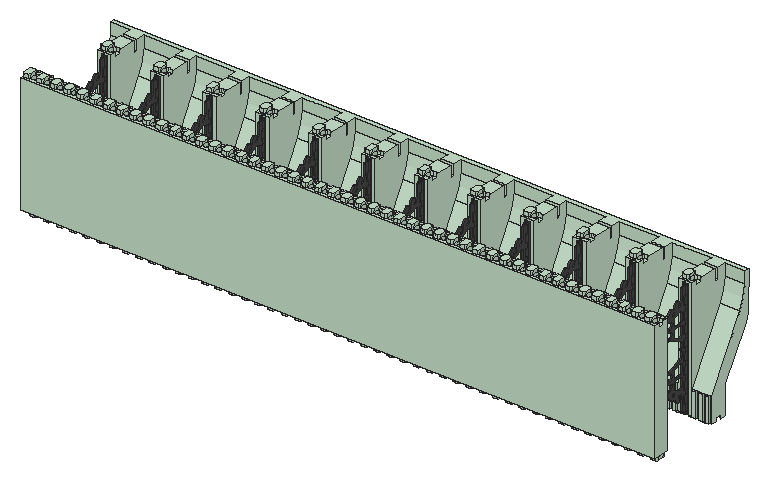
Revit family
Reference planes
  plane 1 "Center (Front/Back)": y = 0
  plane 2: z = 0
  plane 3 "Center (Left/Right)": x = 0
Forms (mm)
  Extrusion 1, solid, material "NUDURA Expanded Polystyrene Foam Insulation"
    sketch origin (0, -50.833, 0) x (1, 0, 0) y (0, 1, 0)
      loop
        line (7.142, -82.55) -> (0, -82.55) -> (0, -142.875) -> (2438.4, -142.875) -> (2438.4, -82.55) -> (2431.258, -82.55) -> (2432.842, -76.2) -> (2418.558, -76.2) -> (2420.142, -82.55) -> (2405.858, -82.55) -> (2407.442, -76.2) -> (2393.158, -76.2) -> (2394.742, -82.55) -> (2380.458, -82.55) -> (2382.042, -76.2) -> (2367.758, -76.2) -> (2369.342, -82.55) -> (2304.258, -82.55) -> (2305.842, -76.2) -> (2291.558, -76.2) -> (2293.142, -82.55) -> (2278.858, -82.55) -> (2280.442, -76.2) -> (2266.158, -76.2) -> (2267.742, -82.55) -> (2253.458, -82.55) -> (2255.042, -76.2) -> (2240.758, -76.2) -> (2242.342, -82.55) -> (2228.058, -82.55) -> (2229.642, -76.2) -> (2215.358, -76.2) -> (2216.942, -82.55) -> (2202.658, -82.55) -> (2204.242, -76.2) -> (2189.958, -76.2) -> (2191.542, -82.55) -> (2177.258, -82.55) -> (2178.842, -76.2) -> (2164.558, -76.2) -> (2166.142, -82.55) -> (2101.058, -82.55) -> (2102.642, -76.2) -> (2088.358, -76.2) -> (2089.942, -82.55) -> (2075.658, -82.55) -> (2077.242, -76.2) -> (2062.958, -76.2) -> (2064.542, -82.55) -> (2050.258, -82.55) -> (2051.842, -76.2) -> (2037.558, -76.2) -> (2039.142, -82.55) -> (2024.858, -82.55) -> (2026.442, -76.2) -> (2012.158, -76.2) -> (2013.742, -82.55) -> (1999.458, -82.55) -> (2001.042, -76.2) -> (1986.758, -76.2) -> (1988.342, -82.55) -> (1974.058, -82.55) -> (1975.642, -76.2) -> (1961.358, -76.2) -> (1962.942, -82.55) -> (1897.858, -82.55) -> (1899.442, -76.2) -> (1885.158, -76.2) -> (1886.742, -82.55) -> (1872.458, -82.55) -> (1874.042, -76.2) -> (1859.758, -76.2) -> (1861.342, -82.55) -> (1847.058, -82.55) -> (1848.642, -76.2) -> (1834.358, -76.2) -> (1835.942, -82.55) -> (1821.658, -82.55) -> (1823.242, -76.2) -> (1808.958, -76.2) -> (1810.542, -82.55) -> (1796.258, -82.55) -> (1797.842, -76.2) -> (1783.558, -76.2) -> (1785.142, -82.55) -> (1770.858, -82.55) -> (1772.442, -76.2) -> (1758.158, -76.2) -> (1759.742, -82.55) -> (1694.658, -82.55) -> (1696.242, -76.2) -> (1681.958, -76.2) -> (1683.542, -82.55) -> (1669.258, -82.55) -> (1670.842, -76.2) -> (1656.558, -76.2) -> (1658.142, -82.55) -> (1643.858, -82.55) -> (1645.442, -76.2) -> (1631.158, -76.2) -> (1632.742, -82.55) -> (1618.458, -82.55) -> (1620.042, -76.2) -> (1605.758, -76.2) -> (1607.342, -82.55) -> (1593.058, -82.55) -> (1594.642, -76.2) -> (1580.358, -76.2) -> (1581.942, -82.55) -> (1567.658, -82.55) -> (1569.242, -76.2) -> (1554.958, -76.2) -> (1556.542, -82.55) -> (1491.458, -82.55) -> (1493.042, -76.2) -> (1478.758, -76.2) -> (1480.342, -82.55) -> (1466.058, -82.55) -> (1467.642, -76.2) -> (1453.358, -76.2) -> (1454.942, -82.55) -> (1440.658, -82.55) -> (1442.242, -76.2) -> (1427.958, -76.2) -> (1429.542, -82.55) -> (1415.258, -82.55) -> (1416.842, -76.2) -> (1402.558, -76.2) -> (1404.142, -82.55) -> (1389.858, -82.55) -> (1391.442, -76.2) -> (1377.158, -76.2) -> (1378.742, -82.55) -> (1364.458, -82.55) -> (1366.042, -76.2) -> (1351.758, -76.2) -> (1353.342, -82.55) -> (1288.258, -82.55) -> (1289.842, -76.2) -> (1275.558, -76.2) -> (1277.142, -82.55) -> (1262.858, -82.55) -> (1264.442, -76.2) -> (1250.158, -76.2) -> (1251.742, -82.55) -> (1237.458, -82.55) -> (1239.042, -76.2) -> (1224.758, -76.2) -> (1226.342, -82.55) -> (1212.058, -82.55) -> (1213.642, -76.2) -> (1199.358, -76.2) -> (1200.942, -82.55) -> (1186.658, -82.55) -> (1188.242, -76.2) -> (1173.958, -76.2) -> (1175.542, -82.55) -> (1161.258, -82.55) -> (1162.842, -76.2) -> (1148.558, -76.2) -> (1150.142, -82.55) -> (1085.058, -82.55) -> (1086.642, -76.2) -> (1072.358, -76.2) -> (1073.942, -82.55) -> (1059.658, -82.55) -> (1061.242, -76.2) -> (1046.958, -76.2) -> (1048.542, -82.55) -> (1034.258, -82.55) -> (1035.842, -76.2) -> (1021.558, -76.2) -> (1023.142, -82.55) -> (1008.858, -82.55) -> (1010.442, -76.2) -> (996.158, -76.2) -> (997.742, -82.55) -> (983.458, -82.55) -> (985.042, -76.2) -> (970.758, -76.2) -> (972.342, -82.55) -> (958.058, -82.55) -> (959.642, -76.2) -> (945.358, -76.2) -> (946.942, -82.55) -> (881.858, -82.55) -> (883.442, -76.2) -> (869.158, -76.2) -> (870.742, -82.55) -> (856.458, -82.55) -> (858.042, -76.2) -> (843.758, -76.2) -> (845.342, -82.55) -> (831.058, -82.55) -> (832.642, -76.2) -> (818.358, -76.2) -> (819.942, -82.55) -> (805.658, -82.55) -> (807.242, -76.2) -> (792.958, -76.2) -> (794.542, -82.55) -> (780.258, -82.55) -> (781.842, -76.2) -> (767.558, -76.2) -> (769.142, -82.55) -> (754.858, -82.55) -> (756.442, -76.2) -> (742.158, -76.2) -> (743.742, -82.55) -> (678.658, -82.55) -> (680.242, -76.2) -> (665.958, -76.2) -> (667.542, -82.55) -> (653.258, -82.55) -> (654.842, -76.2) -> (640.558, -76.2) -> (642.142, -82.55) -> (627.858, -82.55) -> (629.442, -76.2) -> (615.158, -76.2) -> (616.742, -82.55) -> (602.458, -82.55) -> (604.042, -76.2) -> (589.758, -76.2) -> (591.342, -82.55) -> (577.058, -82.55) -> (578.642, -76.2) -> (564.358, -76.2) -> (565.942, -82.55) -> (551.658, -82.55) -> (553.242, -76.2) -> (538.958, -76.2) -> (540.542, -82.55) -> (475.458, -82.55) -> (477.042, -76.2) -> (462.758, -76.2) -> (464.342, -82.55) -> (450.058, -82.55) -> (451.642, -76.2) -> (437.358, -76.2) -> (438.942, -82.55) -> (424.658, -82.55) -> (426.242, -76.2) -> (411.958, -76.2) -> (413.542, -82.55) -> (399.258, -82.55) -> (400.842, -76.2) -> (386.558, -76.2) -> (388.142, -82.55) -> (373.858, -82.55) -> (375.442, -76.2) -> (361.158, -76.2) -> (362.742, -82.55) -> (348.458, -82.55) -> (350.042, -76.2) -> (335.758, -76.2) -> (337.342, -82.55) -> (272.258, -82.55) -> (273.842, -76.2) -> (259.558, -76.2) -> (261.142, -82.55) -> (246.858, -82.55) -> (248.442, -76.2) -> (234.158, -76.2) -> (235.742, -82.55) -> (221.458, -82.55) -> (223.042, -76.2) -> (208.758, -76.2) -> (210.342, -82.55) -> (196.058, -82.55) -> (197.642, -76.2) -> (183.358, -76.2) -> (184.942, -82.55) -> (170.658, -82.55) -> (172.242, -76.2) -> (157.958, -76.2) -> (159.542, -82.55) -> (145.258, -82.55) -> (146.842, -76.2) -> (132.558, -76.2) -> (134.142, -82.55) -> (69.058, -82.55) -> (70.642, -76.2) -> (56.358, -76.2) -> (57.942, -82.55) -> (43.658, -82.55) -> (45.242, -76.2) -> (30.958, -76.2) -> (32.542, -82.55) -> (18.258, -82.55) -> (19.842, -76.2) -> (5.558, -76.2) -> (7.142, -82.55)
    from 0 to 457.2
  Extrusion 2, void
    sketch origin (0, -50.833, 0) x (1, 0, 0) y (0, 1, 0)
      loop
        arc (25.4, -124.411) -> (26.615, -128.147) -> (29.796, -130.453) r 6.35
        arc (29.796, -130.453) -> (38.1, -131.763) -> (46.404, -130.453) r 26.987
        arc (46.404, -130.453) -> (49.585, -128.147) -> (50.8, -124.411) r 6.35
        line (50.8, -124.411) -> (50.8, -101.014)
        arc (50.8, -101.014) -> (50.362, -98.696) -> (49.108, -96.698) r 6.35
        arc (49.108, -96.698) -> (48.795, -96.199) -> (48.685, -95.62) r 1.588
        line (48.685, -95.62) -> (48.685, -86.829) -> (44.346, -86.829) -> (44.346, -92.457)
        arc (44.346, -92.457) -> (43.786, -93.668) -> (42.5, -94.024) r 1.587
        arc (42.5, -94.024) -> (36.091, -93.737) -> (29.796, -94.972) r 26.988
        arc (29.796, -94.972) -> (26.615, -97.278) -> (25.4, -101.014) r 6.35
        line (25.4, -101.014) -> (25.4, -124.411)
    from 457.2 to 444.5
  Extrusion 3, void
    sketch origin (50.8, -50.833, 0) x (1, 0, 0) y (0, 1, 0)
      loop
        arc (25.4, -124.411) -> (26.615, -128.147) -> (29.796, -130.453) r 6.35
        arc (29.796, -130.453) -> (38.1, -131.763) -> (46.404, -130.453) r 26.987
        arc (46.404, -130.453) -> (49.585, -128.147) -> (50.8, -124.411) r 6.35
        line (50.8, -124.411) -> (50.8, -101.014)
        arc (50.8, -101.014) -> (50.362, -98.696) -> (49.108, -96.698) r 6.35
        arc (49.108, -96.698) -> (48.795, -96.199) -> (48.685, -95.62) r 1.588
        line (48.685, -95.62) -> (48.685, -86.829) -> (44.346, -86.829) -> (44.346, -92.457)
        arc (44.346, -92.457) -> (43.786, -93.668) -> (42.5, -94.024) r 1.587
        arc (42.5, -94.024) -> (36.091, -93.737) -> (29.796, -94.972) r 26.988
        arc (29.796, -94.972) -> (26.615, -97.278) -> (25.4, -101.014) r 6.35
        line (25.4, -101.014) -> (25.4, -124.411)
    from 457.2 to 444.5
  Extrusion 4, void
    sketch origin (101.6, -50.833, 0) x (1, 0, 0) y (0, 1, 0)
      loop
        arc (25.4, -124.411) -> (26.615, -128.147) -> (29.796, -130.453) r 6.35
        arc (29.796, -130.453) -> (38.1, -131.763) -> (46.404, -130.453) r 26.987
        arc (46.404, -130.453) -> (49.585, -128.147) -> (50.8, -124.411) r 6.35
        line (50.8, -124.411) -> (50.8, -101.014)
        arc (50.8, -101.014) -> (50.362, -98.696) -> (49.108, -96.698) r 6.35
        arc (49.108, -96.698) -> (48.795, -96.199) -> (48.685, -95.62) r 1.588
        line (48.685, -95.62) -> (48.685, -86.829) -> (44.346, -86.829) -> (44.346, -92.457)
        arc (44.346, -92.457) -> (43.786, -93.668) -> (42.5, -94.024) r 1.587
        arc (42.5, -94.024) -> (36.091, -93.737) -> (29.796, -94.972) r 26.988
        arc (29.796, -94.972) -> (26.615, -97.278) -> (25.4, -101.014) r 6.35
        line (25.4, -101.014) -> (25.4, -124.411)
    from 457.2 to 444.5
  Extrusion 5, void
    sketch origin (152.4, -50.833, 0) x (1, 0, 0) y (0, 1, 0)
      loop
        arc (25.4, -124.411) -> (26.615, -128.147) -> (29.796, -130.453) r 6.35
        arc (29.796, -130.453) -> (38.1, -131.763) -> (46.404, -130.453) r 26.987
        arc (46.404, -130.453) -> (49.585, -128.147) -> (50.8, -124.411) r 6.35
        line (50.8, -124.411) -> (50.8, -101.014)
        arc (50.8, -101.014) -> (50.362, -98.696) -> (49.108, -96.698) r 6.35
        arc (49.108, -96.698) -> (48.795, -96.199) -> (48.685, -95.62) r 1.588
        line (48.685, -95.62) -> (48.685, -86.829) -> (44.346, -86.829) -> (44.346, -92.457)
        arc (44.346, -92.457) -> (43.786, -93.668) -> (42.5, -94.024) r 1.587
        arc (42.5, -94.024) -> (36.091, -93.737) -> (29.796, -94.972) r 26.988
        arc (29.796, -94.972) -> (26.615, -97.278) -> (25.4, -101.014) r 6.35
        line (25.4, -101.014) -> (25.4, -124.411)
    from 457.2 to 444.5
  Extrusion 6, void
    sketch origin (203.2, -50.833, 0) x (1, 0, 0) y (0, 1, 0)
      loop
        arc (25.4, -124.411) -> (26.615, -128.147) -> (29.796, -130.453) r 6.35
        arc (29.796, -130.453) -> (38.1, -131.763) -> (46.404, -130.453) r 26.987
        arc (46.404, -130.453) -> (49.585, -128.147) -> (50.8, -124.411) r 6.35
        line (50.8, -124.411) -> (50.8, -101.014)
        arc (50.8, -101.014) -> (50.362, -98.696) -> (49.108, -96.698) r 6.35
        arc (49.108, -96.698) -> (48.795, -96.199) -> (48.685, -95.62) r 1.588
        line (48.685, -95.62) -> (48.685, -86.829) -> (44.346, -86.829) -> (44.346, -92.457)
        arc (44.346, -92.457) -> (43.786, -93.668) -> (42.5, -94.024) r 1.587
        arc (42.5, -94.024) -> (36.091, -93.737) -> (29.796, -94.972) r 26.988
        arc (29.796, -94.972) -> (26.615, -97.278) -> (25.4, -101.014) r 6.35
        line (25.4, -101.014) -> (25.4, -124.411)
    from 457.2 to 444.5
  Extrusion 7, void
    sketch origin (254, -50.833, 0) x (1, 0, 0) y (0, 1, 0)
      loop
        arc (25.4, -124.411) -> (26.615, -128.147) -> (29.796, -130.453) r 6.35
        arc (29.796, -130.453) -> (38.1, -131.763) -> (46.404, -130.453) r 26.987
        arc (46.404, -130.453) -> (49.585, -128.147) -> (50.8, -124.411) r 6.35
        line (50.8, -124.411) -> (50.8, -101.014)
        arc (50.8, -101.014) -> (50.362, -98.696) -> (49.108, -96.698) r 6.35
        arc (49.108, -96.698) -> (48.795, -96.199) -> (48.685, -95.62) r 1.588
        line (48.685, -95.62) -> (48.685, -86.829) -> (44.346, -86.829) -> (44.346, -92.457)
        arc (44.346, -92.457) -> (43.786, -93.668) -> (42.5, -94.024) r 1.587
        arc (42.5, -94.024) -> (36.091, -93.737) -> (29.796, -94.972) r 26.988
        arc (29.796, -94.972) -> (26.615, -97.278) -> (25.4, -101.014) r 6.35
        line (25.4, -101.014) -> (25.4, -124.411)
    from 457.2 to 444.5
  Extrusion 8, void
    sketch origin (304.8, -50.833, 0) x (1, 0, 0) y (0, 1, 0)
      loop
        arc (25.4, -124.411) -> (26.615, -128.147) -> (29.796, -130.453) r 6.35
        arc (29.796, -130.453) -> (38.1, -131.763) -> (46.404, -130.453) r 26.987
        arc (46.404, -130.453) -> (49.585, -128.147) -> (50.8, -124.411) r 6.35
        line (50.8, -124.411) -> (50.8, -101.014)
        arc (50.8, -101.014) -> (50.362, -98.696) -> (49.108, -96.698) r 6.35
        arc (49.108, -96.698) -> (48.795, -96.199) -> (48.685, -95.62) r 1.588
        line (48.685, -95.62) -> (48.685, -86.829) -> (44.346, -86.829) -> (44.346, -92.457)
        arc (44.346, -92.457) -> (43.786, -93.668) -> (42.5, -94.024) r 1.587
        arc (42.5, -94.024) -> (36.091, -93.737) -> (29.796, -94.972) r 26.988
        arc (29.796, -94.972) -> (26.615, -97.278) -> (25.4, -101.014) r 6.35
        line (25.4, -101.014) -> (25.4, -124.411)
    from 457.2 to 444.5
  Extrusion 9, void
    sketch origin (355.6, -50.833, 0) x (1, 0, 0) y (0, 1, 0)
      loop
        arc (25.4, -124.411) -> (26.615, -128.147) -> (29.796, -130.453) r 6.35
        arc (29.796, -130.453) -> (38.1, -131.763) -> (46.404, -130.453) r 26.987
        arc (46.404, -130.453) -> (49.585, -128.147) -> (50.8, -124.411) r 6.35
        line (50.8, -124.411) -> (50.8, -101.014)
        arc (50.8, -101.014) -> (50.362, -98.696) -> (49.108, -96.698) r 6.35
        arc (49.108, -96.698) -> (48.795, -96.199) -> (48.685, -95.62) r 1.588
        line (48.685, -95.62) -> (48.685, -86.829) -> (44.346, -86.829) -> (44.346, -92.457)
        arc (44.346, -92.457) -> (43.786, -93.668) -> (42.5, -94.024) r 1.587
        arc (42.5, -94.024) -> (36.091, -93.737) -> (29.796, -94.972) r 26.988
        arc (29.796, -94.972) -> (26.615, -97.278) -> (25.4, -101.014) r 6.35
        line (25.4, -101.014) -> (25.4, -124.411)
    from 457.2 to 444.5
  Extrusion 10, void
    sketch origin (406.4, -50.833, 0) x (1, 0, 0) y (0, 1, 0)
      loop
        arc (25.4, -124.411) -> (26.615, -128.147) -> (29.796, -130.453) r 6.35
        arc (29.796, -130.453) -> (38.1, -131.763) -> (46.404, -130.453) r 26.987
        arc (46.404, -130.453) -> (49.585, -128.147) -> (50.8, -124.411) r 6.35
        line (50.8, -124.411) -> (50.8, -101.014)
        arc (50.8, -101.014) -> (50.362, -98.696) -> (49.108, -96.698) r 6.35
        arc (49.108, -96.698) -> (48.795, -96.199) -> (48.685, -95.62) r 1.588
        line (48.685, -95.62) -> (48.685, -86.829) -> (44.346, -86.829) -> (44.346, -92.457)
        arc (44.346, -92.457) -> (43.786, -93.668) -> (42.5, -94.024) r 1.587
        arc (42.5, -94.024) -> (36.091, -93.737) -> (29.796, -94.972) r 26.988
        arc (29.796, -94.972) -> (26.615, -97.278) -> (25.4, -101.014) r 6.35
        line (25.4, -101.014) -> (25.4, -124.411)
    from 457.2 to 444.5
  Extrusion 11, void
    sketch origin (457.2, -50.833, 0) x (1, 0, 0) y (0, 1, 0)
      loop
        arc (25.4, -124.411) -> (26.615, -128.147) -> (29.796, -130.453) r 6.35
        arc (29.796, -130.453) -> (38.1, -131.763) -> (46.404, -130.453) r 26.987
        arc (46.404, -130.453) -> (49.585, -128.147) -> (50.8, -124.411) r 6.35
        line (50.8, -124.411) -> (50.8, -101.014)
        arc (50.8, -101.014) -> (50.362, -98.696) -> (49.108, -96.698) r 6.35
        arc (49.108, -96.698) -> (48.795, -96.199) -> (48.685, -95.62) r 1.588
        line (48.685, -95.62) -> (48.685, -86.829) -> (44.346, -86.829) -> (44.346, -92.457)
        arc (44.346, -92.457) -> (43.786, -93.668) -> (42.5, -94.024) r 1.587
        arc (42.5, -94.024) -> (36.091, -93.737) -> (29.796, -94.972) r 26.988
        arc (29.796, -94.972) -> (26.615, -97.278) -> (25.4, -101.014) r 6.35
        line (25.4, -101.014) -> (25.4, -124.411)
    from 457.2 to 444.5
  Extrusion 12, void
    sketch origin (508, -50.833, 0) x (1, 0, 0) y (0, 1, 0)
      loop
        arc (25.4, -124.411) -> (26.615, -128.147) -> (29.796, -130.453) r 6.35
        arc (29.796, -130.453) -> (38.1, -131.763) -> (46.404, -130.453) r 26.987
        arc (46.404, -130.453) -> (49.585, -128.147) -> (50.8, -124.411) r 6.35
        line (50.8, -124.411) -> (50.8, -101.014)
        arc (50.8, -101.014) -> (50.362, -98.696) -> (49.108, -96.698) r 6.35
        arc (49.108, -96.698) -> (48.795, -96.199) -> (48.685, -95.62) r 1.588
        line (48.685, -95.62) -> (48.685, -86.829) -> (44.346, -86.829) -> (44.346, -92.457)
        arc (44.346, -92.457) -> (43.786, -93.668) -> (42.5, -94.024) r 1.587
        arc (42.5, -94.024) -> (36.091, -93.737) -> (29.796, -94.972) r 26.988
        arc (29.796, -94.972) -> (26.615, -97.278) -> (25.4, -101.014) r 6.35
        line (25.4, -101.014) -> (25.4, -124.411)
    from 457.2 to 444.5
  Extrusion 13, void
    sketch origin (558.8, -50.833, 0) x (1, 0, 0) y (0, 1, 0)
      loop
        arc (25.4, -124.411) -> (26.615, -128.147) -> (29.796, -130.453) r 6.35
        arc (29.796, -130.453) -> (38.1, -131.763) -> (46.404, -130.453) r 26.987
        arc (46.404, -130.453) -> (49.585, -128.147) -> (50.8, -124.411) r 6.35
        line (50.8, -124.411) -> (50.8, -101.014)
        arc (50.8, -101.014) -> (50.362, -98.696) -> (49.108, -96.698) r 6.35
        arc (49.108, -96.698) -> (48.795, -96.199) -> (48.685, -95.62) r 1.588
        line (48.685, -95.62) -> (48.685, -86.829) -> (44.346, -86.829) -> (44.346, -92.457)
        arc (44.346, -92.457) -> (43.786, -93.668) -> (42.5, -94.024) r 1.587
        arc (42.5, -94.024) -> (36.091, -93.737) -> (29.796, -94.972) r 26.988
        arc (29.796, -94.972) -> (26.615, -97.278) -> (25.4, -101.014) r 6.35
        line (25.4, -101.014) -> (25.4, -124.411)
    from 457.2 to 444.5
  Extrusion 14, void
    sketch origin (609.6, -50.833, 0) x (1, 0, 0) y (0, 1, 0)
      loop
        arc (25.4, -124.411) -> (26.615, -128.147) -> (29.796, -130.453) r 6.35
        arc (29.796, -130.453) -> (38.1, -131.763) -> (46.404, -130.453) r 26.987
        arc (46.404, -130.453) -> (49.585, -128.147) -> (50.8, -124.411) r 6.35
        line (50.8, -124.411) -> (50.8, -101.014)
        arc (50.8, -101.014) -> (50.362, -98.696) -> (49.108, -96.698) r 6.35
        arc (49.108, -96.698) -> (48.795, -96.199) -> (48.685, -95.62) r 1.588
        line (48.685, -95.62) -> (48.685, -86.829) -> (44.346, -86.829) -> (44.346, -92.457)
        arc (44.346, -92.457) -> (43.786, -93.668) -> (42.5, -94.024) r 1.587
        arc (42.5, -94.024) -> (36.091, -93.737) -> (29.796, -94.972) r 26.988
        arc (29.796, -94.972) -> (26.615, -97.278) -> (25.4, -101.014) r 6.35
        line (25.4, -101.014) -> (25.4, -124.411)
    from 457.2 to 444.5
  Extrusion 15, void
    sketch origin (660.4, -50.833, 0) x (1, 0, 0) y (0, 1, 0)
      loop
        arc (25.4, -124.411) -> (26.615, -128.147) -> (29.796, -130.453) r 6.35
        arc (29.796, -130.453) -> (38.1, -131.763) -> (46.404, -130.453) r 26.987
        arc (46.404, -130.453) -> (49.585, -128.147) -> (50.8, -124.411) r 6.35
        line (50.8, -124.411) -> (50.8, -101.014)
        arc (50.8, -101.014) -> (50.362, -98.696) -> (49.108, -96.698) r 6.35
        arc (49.108, -96.698) -> (48.795, -96.199) -> (48.685, -95.62) r 1.588
        line (48.685, -95.62) -> (48.685, -86.829) -> (44.346, -86.829) -> (44.346, -92.457)
        arc (44.346, -92.457) -> (43.786, -93.668) -> (42.5, -94.024) r 1.587
        arc (42.5, -94.024) -> (36.091, -93.737) -> (29.796, -94.972) r 26.988
        arc (29.796, -94.972) -> (26.615, -97.278) -> (25.4, -101.014) r 6.35
        line (25.4, -101.014) -> (25.4, -124.411)
    from 457.2 to 444.5
  Extrusion 16, void
    sketch origin (711.2, -50.833, 0) x (1, 0, 0) y (0, 1, 0)
      loop
        arc (25.4, -124.411) -> (26.615, -128.147) -> (29.796, -130.453) r 6.35
        arc (29.796, -130.453) -> (38.1, -131.763) -> (46.404, -130.453) r 26.987
        arc (46.404, -130.453) -> (49.585, -128.147) -> (50.8, -124.411) r 6.35
        line (50.8, -124.411) -> (50.8, -101.014)
        arc (50.8, -101.014) -> (50.362, -98.696) -> (49.108, -96.698) r 6.35
        arc (49.108, -96.698) -> (48.795, -96.199) -> (48.685, -95.62) r 1.588
        line (48.685, -95.62) -> (48.685, -86.829) -> (44.346, -86.829) -> (44.346, -92.457)
        arc (44.346, -92.457) -> (43.786, -93.668) -> (42.5, -94.024) r 1.587
        arc (42.5, -94.024) -> (36.091, -93.737) -> (29.796, -94.972) r 26.988
        arc (29.796, -94.972) -> (26.615, -97.278) -> (25.4, -101.014) r 6.35
        line (25.4, -101.014) -> (25.4, -124.411)
    from 457.2 to 444.5
  Extrusion 17, void
    sketch origin (762, -50.833, 0) x (1, 0, 0) y (0, 1, 0)
      loop
        arc (25.4, -124.411) -> (26.615, -128.147) -> (29.796, -130.453) r 6.35
        arc (29.796, -130.453) -> (38.1, -131.763) -> (46.404, -130.453) r 26.987
        arc (46.404, -130.453) -> (49.585, -128.147) -> (50.8, -124.411) r 6.35
        line (50.8, -124.411) -> (50.8, -101.014)
        arc (50.8, -101.014) -> (50.362, -98.696) -> (49.108, -96.698) r 6.35
        arc (49.108, -96.698) -> (48.795, -96.199) -> (48.685, -95.62) r 1.588
        line (48.685, -95.62) -> (48.685, -86.829) -> (44.346, -86.829) -> (44.346, -92.457)
        arc (44.346, -92.457) -> (43.786, -93.668) -> (42.5, -94.024) r 1.587
        arc (42.5, -94.024) -> (36.091, -93.737) -> (29.796, -94.972) r 26.988
        arc (29.796, -94.972) -> (26.615, -97.278) -> (25.4, -101.014) r 6.35
        line (25.4, -101.014) -> (25.4, -124.411)
    from 457.2 to 444.5
  Extrusion 18, void
    sketch origin (812.8, -50.833, 0) x (1, 0, 0) y (0, 1, 0)
      loop
        arc (25.4, -124.411) -> (26.615, -128.147) -> (29.796, -130.453) r 6.35
        arc (29.796, -130.453) -> (38.1, -131.763) -> (46.404, -130.453) r 26.987
        arc (46.404, -130.453) -> (49.585, -128.147) -> (50.8, -124.411) r 6.35
        line (50.8, -124.411) -> (50.8, -101.014)
        arc (50.8, -101.014) -> (50.362, -98.696) -> (49.108, -96.698) r 6.35
        arc (49.108, -96.698) -> (48.795, -96.199) -> (48.685, -95.62) r 1.588
        line (48.685, -95.62) -> (48.685, -86.829) -> (44.346, -86.829) -> (44.346, -92.457)
        arc (44.346, -92.457) -> (43.786, -93.668) -> (42.5, -94.024) r 1.587
        arc (42.5, -94.024) -> (36.091, -93.737) -> (29.796, -94.972) r 26.988
        arc (29.796, -94.972) -> (26.615, -97.278) -> (25.4, -101.014) r 6.35
        line (25.4, -101.014) -> (25.4, -124.411)
    from 457.2 to 444.5
  Extrusion 19, void
    sketch origin (863.6, -50.833, 0) x (1, 0, 0) y (0, 1, 0)
      loop
        arc (25.4, -124.411) -> (26.615, -128.147) -> (29.796, -130.453) r 6.35
        arc (29.796, -130.453) -> (38.1, -131.763) -> (46.404, -130.453) r 26.987
        arc (46.404, -130.453) -> (49.585, -128.147) -> (50.8, -124.411) r 6.35
        line (50.8, -124.411) -> (50.8, -101.014)
        arc (50.8, -101.014) -> (50.362, -98.696) -> (49.108, -96.698) r 6.35
        arc (49.108, -96.698) -> (48.795, -96.199) -> (48.685, -95.62) r 1.588
        line (48.685, -95.62) -> (48.685, -86.829) -> (44.346, -86.829) -> (44.346, -92.457)
        arc (44.346, -92.457) -> (43.786, -93.668) -> (42.5, -94.024) r 1.587
        arc (42.5, -94.024) -> (36.091, -93.737) -> (29.796, -94.972) r 26.988
        arc (29.796, -94.972) -> (26.615, -97.278) -> (25.4, -101.014) r 6.35
        line (25.4, -101.014) -> (25.4, -124.411)
    from 457.2 to 444.5
  Extrusion 20, void
    sketch origin (914.4, -50.833, 0) x (1, 0, 0) y (0, 1, 0)
      loop
        arc (25.4, -124.411) -> (26.615, -128.147) -> (29.796, -130.453) r 6.35
        arc (29.796, -130.453) -> (38.1, -131.763) -> (46.404, -130.453) r 26.987
        arc (46.404, -130.453) -> (49.585, -128.147) -> (50.8, -124.411) r 6.35
        line (50.8, -124.411) -> (50.8, -101.014)
        arc (50.8, -101.014) -> (50.362, -98.696) -> (49.108, -96.698) r 6.35
        arc (49.108, -96.698) -> (48.795, -96.199) -> (48.685, -95.62) r 1.588
        line (48.685, -95.62) -> (48.685, -86.829) -> (44.346, -86.829) -> (44.346, -92.457)
        arc (44.346, -92.457) -> (43.786, -93.668) -> (42.5, -94.024) r 1.587
        arc (42.5, -94.024) -> (36.091, -93.737) -> (29.796, -94.972) r 26.988
        arc (29.796, -94.972) -> (26.615, -97.278) -> (25.4, -101.014) r 6.35
        line (25.4, -101.014) -> (25.4, -124.411)
    from 457.2 to 444.5
  Extrusion 21, void
    sketch origin (965.2, -50.833, 0) x (1, 0, 0) y (0, 1, 0)
      loop
        arc (25.4, -124.411) -> (26.615, -128.147) -> (29.796, -130.453) r 6.35
        arc (29.796, -130.453) -> (38.1, -131.763) -> (46.404, -130.453) r 26.987
        arc (46.404, -130.453) -> (49.585, -128.147) -> (50.8, -124.411) r 6.35
        line (50.8, -124.411) -> (50.8, -101.014)
        arc (50.8, -101.014) -> (50.362, -98.696) -> (49.108, -96.698) r 6.35
        arc (49.108, -96.698) -> (48.795, -96.199) -> (48.685, -95.62) r 1.588
        line (48.685, -95.62) -> (48.685, -86.829) -> (44.346, -86.829) -> (44.346, -92.457)
        arc (44.346, -92.457) -> (43.786, -93.668) -> (42.5, -94.024) r 1.587
        arc (42.5, -94.024) -> (36.091, -93.737) -> (29.796, -94.972) r 26.988
        arc (29.796, -94.972) -> (26.615, -97.278) -> (25.4, -101.014) r 6.35
        line (25.4, -101.014) -> (25.4, -124.411)
    from 457.2 to 444.5
  Extrusion 22, void
    sketch origin (1016, -50.833, 0) x (1, 0, 0) y (0, 1, 0)
      loop
        arc (25.4, -124.411) -> (26.615, -128.147) -> (29.796, -130.453) r 6.35
        arc (29.796, -130.453) -> (38.1, -131.763) -> (46.404, -130.453) r 26.987
        arc (46.404, -130.453) -> (49.585, -128.147) -> (50.8, -124.411) r 6.35
        line (50.8, -124.411) -> (50.8, -101.014)
        arc (50.8, -101.014) -> (50.362, -98.696) -> (49.108, -96.698) r 6.35
        arc (49.108, -96.698) -> (48.795, -96.199) -> (48.685, -95.62) r 1.588
        line (48.685, -95.62) -> (48.685, -86.829) -> (44.346, -86.829) -> (44.346, -92.457)
        arc (44.346, -92.457) -> (43.786, -93.668) -> (42.5, -94.024) r 1.587
        arc (42.5, -94.024) -> (36.091, -93.737) -> (29.796, -94.972) r 26.988
        arc (29.796, -94.972) -> (26.615, -97.278) -> (25.4, -101.014) r 6.35
        line (25.4, -101.014) -> (25.4, -124.411)
    from 457.2 to 444.5
  Extrusion 23, void
    sketch origin (1066.8, -50.833, 0) x (1, 0, 0) y (0, 1, 0)
      loop
        arc (25.4, -124.411) -> (26.615, -128.147) -> (29.796, -130.453) r 6.35
        arc (29.796, -130.453) -> (38.1, -131.763) -> (46.404, -130.453) r 26.987
        arc (46.404, -130.453) -> (49.585, -128.147) -> (50.8, -124.411) r 6.35
        line (50.8, -124.411) -> (50.8, -101.014)
        arc (50.8, -101.014) -> (50.362, -98.696) -> (49.108, -96.698) r 6.35
        arc (49.108, -96.698) -> (48.795, -96.199) -> (48.685, -95.62) r 1.588
        line (48.685, -95.62) -> (48.685, -86.829) -> (44.346, -86.829) -> (44.346, -92.457)
        arc (44.346, -92.457) -> (43.786, -93.668) -> (42.5, -94.024) r 1.587
        arc (42.5, -94.024) -> (36.091, -93.737) -> (29.796, -94.972) r 26.988
        arc (29.796, -94.972) -> (26.615, -97.278) -> (25.4, -101.014) r 6.35
        line (25.4, -101.014) -> (25.4, -124.411)
    from 457.2 to 444.5
  Extrusion 24, void
    sketch origin (1117.6, -50.833, 0) x (1, 0, 0) y (0, 1, 0)
      loop
        arc (25.4, -124.411) -> (26.615, -128.147) -> (29.796, -130.453) r 6.35
        arc (29.796, -130.453) -> (38.1, -131.763) -> (46.404, -130.453) r 26.987
        arc (46.404, -130.453) -> (49.585, -128.147) -> (50.8, -124.411) r 6.35
        line (50.8, -124.411) -> (50.8, -101.014)
        arc (50.8, -101.014) -> (50.362, -98.696) -> (49.108, -96.698) r 6.35
        arc (49.108, -96.698) -> (48.795, -96.199) -> (48.685, -95.62) r 1.588
        line (48.685, -95.62) -> (48.685, -86.829) -> (44.346, -86.829) -> (44.346, -92.457)
        arc (44.346, -92.457) -> (43.786, -93.668) -> (42.5, -94.024) r 1.587
        arc (42.5, -94.024) -> (36.091, -93.737) -> (29.796, -94.972) r 26.988
        arc (29.796, -94.972) -> (26.615, -97.278) -> (25.4, -101.014) r 6.35
        line (25.4, -101.014) -> (25.4, -124.411)
    from 457.2 to 444.5
  Extrusion 25, void
    sketch origin (1168.4, -50.833, 0) x (1, 0, 0) y (0, 1, 0)
      loop
        arc (25.4, -124.411) -> (26.615, -128.147) -> (29.796, -130.453) r 6.35
        arc (29.796, -130.453) -> (38.1, -131.763) -> (46.404, -130.453) r 26.987
        arc (46.404, -130.453) -> (49.585, -128.147) -> (50.8, -124.411) r 6.35
        line (50.8, -124.411) -> (50.8, -101.014)
        arc (50.8, -101.014) -> (50.362, -98.696) -> (49.108, -96.698) r 6.35
        arc (49.108, -96.698) -> (48.795, -96.199) -> (48.685, -95.62) r 1.588
        line (48.685, -95.62) -> (48.685, -86.829) -> (44.346, -86.829) -> (44.346, -92.457)
        arc (44.346, -92.457) -> (43.786, -93.668) -> (42.5, -94.024) r 1.587
        arc (42.5, -94.024) -> (36.091, -93.737) -> (29.796, -94.972) r 26.988
        arc (29.796, -94.972) -> (26.615, -97.278) -> (25.4, -101.014) r 6.35
        line (25.4, -101.014) -> (25.4, -124.411)
    from 457.2 to 444.5
  Extrusion 26, void
    sketch origin (1219.2, -50.833, 0) x (1, 0, 0) y (0, 1, 0)
      loop
        arc (25.4, -124.411) -> (26.615, -128.147) -> (29.796, -130.453) r 6.35
        arc (29.796, -130.453) -> (38.1, -131.763) -> (46.404, -130.453) r 26.987
        arc (46.404, -130.453) -> (49.585, -128.147) -> (50.8, -124.411) r 6.35
        line (50.8, -124.411) -> (50.8, -101.014)
        arc (50.8, -101.014) -> (50.362, -98.696) -> (49.108, -96.698) r 6.35
        arc (49.108, -96.698) -> (48.795, -96.199) -> (48.685, -95.62) r 1.588
        line (48.685, -95.62) -> (48.685, -86.829) -> (44.346, -86.829) -> (44.346, -92.457)
        arc (44.346, -92.457) -> (43.786, -93.668) -> (42.5, -94.024) r 1.587
        arc (42.5, -94.024) -> (36.091, -93.737) -> (29.796, -94.972) r 26.988
        arc (29.796, -94.972) -> (26.615, -97.278) -> (25.4, -101.014) r 6.35
        line (25.4, -101.014) -> (25.4, -124.411)
    from 457.2 to 444.5
  Extrusion 27, void
    sketch origin (1270, -50.833, 0) x (1, 0, 0) y (0, 1, 0)
      loop
        arc (25.4, -124.411) -> (26.615, -128.147) -> (29.796, -130.453) r 6.35
        arc (29.796, -130.453) -> (38.1, -131.763) -> (46.404, -130.453) r 26.987
        arc (46.404, -130.453) -> (49.585, -128.147) -> (50.8, -124.411) r 6.35
        line (50.8, -124.411) -> (50.8, -101.014)
        arc (50.8, -101.014) -> (50.362, -98.696) -> (49.108, -96.698) r 6.35
        arc (49.108, -96.698) -> (48.795, -96.199) -> (48.685, -95.62) r 1.588
        line (48.685, -95.62) -> (48.685, -86.829) -> (44.346, -86.829) -> (44.346, -92.457)
        arc (44.346, -92.457) -> (43.786, -93.668) -> (42.5, -94.024) r 1.587
        arc (42.5, -94.024) -> (36.091, -93.737) -> (29.796, -94.972) r 26.988
        arc (29.796, -94.972) -> (26.615, -97.278) -> (25.4, -101.014) r 6.35
        line (25.4, -101.014) -> (25.4, -124.411)
    from 457.2 to 444.5
  Extrusion 28, void
    sketch origin (1320.8, -50.833, 0) x (1, 0, 0) y (0, 1, 0)
      loop
        arc (25.4, -124.411) -> (26.615, -128.147) -> (29.796, -130.453) r 6.35
        arc (29.796, -130.453) -> (38.1, -131.763) -> (46.404, -130.453) r 26.987
        arc (46.404, -130.453) -> (49.585, -128.147) -> (50.8, -124.411) r 6.35
        line (50.8, -124.411) -> (50.8, -101.014)
        arc (50.8, -101.014) -> (50.362, -98.696) -> (49.108, -96.698) r 6.35
        arc (49.108, -96.698) -> (48.795, -96.199) -> (48.685, -95.62) r 1.588
        line (48.685, -95.62) -> (48.685, -86.829) -> (44.346, -86.829) -> (44.346, -92.457)
        arc (44.346, -92.457) -> (43.786, -93.668) -> (42.5, -94.024) r 1.587
        arc (42.5, -94.024) -> (36.091, -93.737) -> (29.796, -94.972) r 26.988
        arc (29.796, -94.972) -> (26.615, -97.278) -> (25.4, -101.014) r 6.35
        line (25.4, -101.014) -> (25.4, -124.411)
    from 457.2 to 444.5
  Extrusion 29, void
    sketch origin (1371.6, -50.833, 0) x (1, 0, 0) y (0, 1, 0)
      loop
        arc (25.4, -124.411) -> (26.615, -128.147) -> (29.796, -130.453) r 6.35
        arc (29.796, -130.453) -> (38.1, -131.763) -> (46.404, -130.453) r 26.987
        arc (46.404, -130.453) -> (49.585, -128.147) -> (50.8, -124.411) r 6.35
        line (50.8, -124.411) -> (50.8, -101.014)
        arc (50.8, -101.014) -> (50.362, -98.696) -> (49.108, -96.698) r 6.35
        arc (49.108, -96.698) -> (48.795, -96.199) -> (48.685, -95.62) r 1.588
        line (48.685, -95.62) -> (48.685, -86.829) -> (44.346, -86.829) -> (44.346, -92.457)
        arc (44.346, -92.457) -> (43.786, -93.668) -> (42.5, -94.024) r 1.587
        arc (42.5, -94.024) -> (36.091, -93.737) -> (29.796, -94.972) r 26.988
        arc (29.796, -94.972) -> (26.615, -97.278) -> (25.4, -101.014) r 6.35
        line (25.4, -101.014) -> (25.4, -124.411)
    from 457.2 to 444.5
  Extrusion 30, void
    sketch origin (1422.4, -50.833, 0) x (1, 0, 0) y (0, 1, 0)
      loop
        arc (25.4, -124.411) -> (26.615, -128.147) -> (29.796, -130.453) r 6.35
        arc (29.796, -130.453) -> (38.1, -131.763) -> (46.404, -130.453) r 26.987
        arc (46.404, -130.453) -> (49.585, -128.147) -> (50.8, -124.411) r 6.35
        line (50.8, -124.411) -> (50.8, -101.014)
        arc (50.8, -101.014) -> (50.362, -98.696) -> (49.108, -96.698) r 6.35
        arc (49.108, -96.698) -> (48.795, -96.199) -> (48.685, -95.62) r 1.588
        line (48.685, -95.62) -> (48.685, -86.829) -> (44.346, -86.829) -> (44.346, -92.457)
        arc (44.346, -92.457) -> (43.786, -93.668) -> (42.5, -94.024) r 1.587
        arc (42.5, -94.024) -> (36.091, -93.737) -> (29.796, -94.972) r 26.988
        arc (29.796, -94.972) -> (26.615, -97.278) -> (25.4, -101.014) r 6.35
        line (25.4, -101.014) -> (25.4, -124.411)
    from 457.2 to 444.5
  Extrusion 31, void
    sketch origin (1473.2, -50.833, 0) x (1, 0, 0) y (0, 1, 0)
      loop
        arc (25.4, -124.411) -> (26.615, -128.147) -> (29.796, -130.453) r 6.35
        arc (29.796, -130.453) -> (38.1, -131.763) -> (46.404, -130.453) r 26.987
        arc (46.404, -130.453) -> (49.585, -128.147) -> (50.8, -124.411) r 6.35
        line (50.8, -124.411) -> (50.8, -101.014)
        arc (50.8, -101.014) -> (50.362, -98.696) -> (49.108, -96.698) r 6.35
        arc (49.108, -96.698) -> (48.795, -96.199) -> (48.685, -95.62) r 1.588
        line (48.685, -95.62) -> (48.685, -86.829) -> (44.346, -86.829) -> (44.346, -92.457)
        arc (44.346, -92.457) -> (43.786, -93.668) -> (42.5, -94.024) r 1.587
        arc (42.5, -94.024) -> (36.091, -93.737) -> (29.796, -94.972) r 26.988
        arc (29.796, -94.972) -> (26.615, -97.278) -> (25.4, -101.014) r 6.35
        line (25.4, -101.014) -> (25.4, -124.411)
    from 457.2 to 444.5
  Extrusion 32, void
    sketch origin (1524, -50.833, 0) x (1, 0, 0) y (0, 1, 0)
      loop
        arc (25.4, -124.411) -> (26.615, -128.147) -> (29.796, -130.453) r 6.35
        arc (29.796, -130.453) -> (38.1, -131.763) -> (46.404, -130.453) r 26.987
        arc (46.404, -130.453) -> (49.585, -128.147) -> (50.8, -124.411) r 6.35
        line (50.8, -124.411) -> (50.8, -101.014)
        arc (50.8, -101.014) -> (50.362, -98.696) -> (49.108, -96.698) r 6.35
        arc (49.108, -96.698) -> (48.795, -96.199) -> (48.685, -95.62) r 1.588
        line (48.685, -95.62) -> (48.685, -86.829) -> (44.346, -86.829) -> (44.346, -92.457)
        arc (44.346, -92.457) -> (43.786, -93.668) -> (42.5, -94.024) r 1.587
        arc (42.5, -94.024) -> (36.091, -93.737) -> (29.796, -94.972) r 26.988
        arc (29.796, -94.972) -> (26.615, -97.278) -> (25.4, -101.014) r 6.35
        line (25.4, -101.014) -> (25.4, -124.411)
    from 457.2 to 444.5
  Extrusion 33, void
    sketch origin (1574.8, -50.833, 0) x (1, 0, 0) y (0, 1, 0)
      loop
        arc (25.4, -124.411) -> (26.615, -128.147) -> (29.796, -130.453) r 6.35
        arc (29.796, -130.453) -> (38.1, -131.763) -> (46.404, -130.453) r 26.987
        arc (46.404, -130.453) -> (49.585, -128.147) -> (50.8, -124.411) r 6.35
        line (50.8, -124.411) -> (50.8, -101.014)
        arc (50.8, -101.014) -> (50.362, -98.696) -> (49.108, -96.698) r 6.35
        arc (49.108, -96.698) -> (48.795, -96.199) -> (48.685, -95.62) r 1.588
        line (48.685, -95.62) -> (48.685, -86.829) -> (44.346, -86.829) -> (44.346, -92.457)
        arc (44.346, -92.457) -> (43.786, -93.668) -> (42.5, -94.024) r 1.587
        arc (42.5, -94.024) -> (36.091, -93.737) -> (29.796, -94.972) r 26.988
        arc (29.796, -94.972) -> (26.615, -97.278) -> (25.4, -101.014) r 6.35
        line (25.4, -101.014) -> (25.4, -124.411)
    from 457.2 to 444.5
  Extrusion 34, void
    sketch origin (1625.6, -50.833, 0) x (1, 0, 0) y (0, 1, 0)
      loop
        arc (25.4, -124.411) -> (26.615, -128.147) -> (29.796, -130.453) r 6.35
        arc (29.796, -130.453) -> (38.1, -131.763) -> (46.404, -130.453) r 26.987
        arc (46.404, -130.453) -> (49.585, -128.147) -> (50.8, -124.411) r 6.35
        line (50.8, -124.411) -> (50.8, -101.014)
        arc (50.8, -101.014) -> (50.362, -98.696) -> (49.108, -96.698) r 6.35
        arc (49.108, -96.698) -> (48.795, -96.199) -> (48.685, -95.62) r 1.588
        line (48.685, -95.62) -> (48.685, -86.829) -> (44.346, -86.829) -> (44.346, -92.457)
        arc (44.346, -92.457) -> (43.786, -93.668) -> (42.5, -94.024) r 1.587
        arc (42.5, -94.024) -> (36.091, -93.737) -> (29.796, -94.972) r 26.988
        arc (29.796, -94.972) -> (26.615, -97.278) -> (25.4, -101.014) r 6.35
        line (25.4, -101.014) -> (25.4, -124.411)
    from 457.2 to 444.5
  Extrusion 35, void
    sketch origin (1676.4, -50.833, 0) x (1, 0, 0) y (0, 1, 0)
      loop
        arc (25.4, -124.411) -> (26.615, -128.147) -> (29.796, -130.453) r 6.35
        arc (29.796, -130.453) -> (38.1, -131.763) -> (46.404, -130.453) r 26.987
        arc (46.404, -130.453) -> (49.585, -128.147) -> (50.8, -124.411) r 6.35
        line (50.8, -124.411) -> (50.8, -101.014)
        arc (50.8, -101.014) -> (50.362, -98.696) -> (49.108, -96.698) r 6.35
        arc (49.108, -96.698) -> (48.795, -96.199) -> (48.685, -95.62) r 1.588
        line (48.685, -95.62) -> (48.685, -86.829) -> (44.346, -86.829) -> (44.346, -92.457)
        arc (44.346, -92.457) -> (43.786, -93.668) -> (42.5, -94.024) r 1.587
        arc (42.5, -94.024) -> (36.091, -93.737) -> (29.796, -94.972) r 26.988
        arc (29.796, -94.972) -> (26.615, -97.278) -> (25.4, -101.014) r 6.35
        line (25.4, -101.014) -> (25.4, -124.411)
    from 457.2 to 444.5
  Extrusion 36, void
    sketch origin (1727.2, -50.833, 0) x (1, 0, 0) y (0, 1, 0)
      loop
        arc (25.4, -124.411) -> (26.615, -128.147) -> (29.796, -130.453) r 6.35
        arc (29.796, -130.453) -> (38.1, -131.763) -> (46.404, -130.453) r 26.987
        arc (46.404, -130.453) -> (49.585, -128.147) -> (50.8, -124.411) r 6.35
        line (50.8, -124.411) -> (50.8, -101.014)
        arc (50.8, -101.014) -> (50.362, -98.696) -> (49.108, -96.698) r 6.35
        arc (49.108, -96.698) -> (48.795, -96.199) -> (48.685, -95.62) r 1.588
        line (48.685, -95.62) -> (48.685, -86.829) -> (44.346, -86.829) -> (44.346, -92.457)
        arc (44.346, -92.457) -> (43.786, -93.668) -> (42.5, -94.024) r 1.587
        arc (42.5, -94.024) -> (36.091, -93.737) -> (29.796, -94.972) r 26.988
        arc (29.796, -94.972) -> (26.615, -97.278) -> (25.4, -101.014) r 6.35
        line (25.4, -101.014) -> (25.4, -124.411)
    from 457.2 to 444.5
  Extrusion 37, void
    sketch origin (1778, -50.833, 0) x (1, 0, 0) y (0, 1, 0)
      loop
        arc (25.4, -124.411) -> (26.615, -128.147) -> (29.796, -130.453) r 6.35
        arc (29.796, -130.453) -> (38.1, -131.763) -> (46.404, -130.453) r 26.987
        arc (46.404, -130.453) -> (49.585, -128.147) -> (50.8, -124.411) r 6.35
        line (50.8, -124.411) -> (50.8, -101.014)
        arc (50.8, -101.014) -> (50.362, -98.696) -> (49.108, -96.698) r 6.35
        arc (49.108, -96.698) -> (48.795, -96.199) -> (48.685, -95.62) r 1.588
        line (48.685, -95.62) -> (48.685, -86.829) -> (44.346, -86.829) -> (44.346, -92.457)
        arc (44.346, -92.457) -> (43.786, -93.668) -> (42.5, -94.024) r 1.587
        arc (42.5, -94.024) -> (36.091, -93.737) -> (29.796, -94.972) r 26.988
        arc (29.796, -94.972) -> (26.615, -97.278) -> (25.4, -101.014) r 6.35
        line (25.4, -101.014) -> (25.4, -124.411)
    from 457.2 to 444.5
  Extrusion 38, void
    sketch origin (1828.8, -50.833, 0) x (1, 0, 0) y (0, 1, 0)
      loop
        arc (25.4, -124.411) -> (26.615, -128.147) -> (29.796, -130.453) r 6.35
        arc (29.796, -130.453) -> (38.1, -131.763) -> (46.404, -130.453) r 26.987
        arc (46.404, -130.453) -> (49.585, -128.147) -> (50.8, -124.411) r 6.35
        line (50.8, -124.411) -> (50.8, -101.014)
        arc (50.8, -101.014) -> (50.362, -98.696) -> (49.108, -96.698) r 6.35
        arc (49.108, -96.698) -> (48.795, -96.199) -> (48.685, -95.62) r 1.588
        line (48.685, -95.62) -> (48.685, -86.829) -> (44.346, -86.829) -> (44.346, -92.457)
        arc (44.346, -92.457) -> (43.786, -93.668) -> (42.5, -94.024) r 1.587
        arc (42.5, -94.024) -> (36.091, -93.737) -> (29.796, -94.972) r 26.988
        arc (29.796, -94.972) -> (26.615, -97.278) -> (25.4, -101.014) r 6.35
        line (25.4, -101.014) -> (25.4, -124.411)
    from 457.2 to 444.5
  Extrusion 39, void
    sketch origin (1879.6, -50.833, 0) x (1, 0, 0) y (0, 1, 0)
      loop
        arc (25.4, -124.411) -> (26.615, -128.147) -> (29.796, -130.453) r 6.35
        arc (29.796, -130.453) -> (38.1, -131.763) -> (46.404, -130.453) r 26.987
        arc (46.404, -130.453) -> (49.585, -128.147) -> (50.8, -124.411) r 6.35
        line (50.8, -124.411) -> (50.8, -101.014)
        arc (50.8, -101.014) -> (50.362, -98.696) -> (49.108, -96.698) r 6.35
        arc (49.108, -96.698) -> (48.795, -96.199) -> (48.685, -95.62) r 1.588
        line (48.685, -95.62) -> (48.685, -86.829) -> (44.346, -86.829) -> (44.346, -92.457)
        arc (44.346, -92.457) -> (43.786, -93.668) -> (42.5, -94.024) r 1.587
        arc (42.5, -94.024) -> (36.091, -93.737) -> (29.796, -94.972) r 26.988
        arc (29.796, -94.972) -> (26.615, -97.278) -> (25.4, -101.014) r 6.35
        line (25.4, -101.014) -> (25.4, -124.411)
    from 457.2 to 444.5
  Extrusion 40, void
    sketch origin (1930.4, -50.833, 0) x (1, 0, 0) y (0, 1, 0)
      loop
        arc (25.4, -124.411) -> (26.615, -128.147) -> (29.796, -130.453) r 6.35
        arc (29.796, -130.453) -> (38.1, -131.763) -> (46.404, -130.453) r 26.987
        arc (46.404, -130.453) -> (49.585, -128.147) -> (50.8, -124.411) r 6.35
        line (50.8, -124.411) -> (50.8, -101.014)
        arc (50.8, -101.014) -> (50.362, -98.696) -> (49.108, -96.698) r 6.35
        arc (49.108, -96.698) -> (48.795, -96.199) -> (48.685, -95.62) r 1.588
        line (48.685, -95.62) -> (48.685, -86.829) -> (44.346, -86.829) -> (44.346, -92.457)
        arc (44.346, -92.457) -> (43.786, -93.668) -> (42.5, -94.024) r 1.587
        arc (42.5, -94.024) -> (36.091, -93.737) -> (29.796, -94.972) r 26.988
        arc (29.796, -94.972) -> (26.615, -97.278) -> (25.4, -101.014) r 6.35
        line (25.4, -101.014) -> (25.4, -124.411)
    from 457.2 to 444.5
  Extrusion 41, void
    sketch origin (1981.2, -50.833, 0) x (1, 0, 0) y (0, 1, 0)
      loop
        arc (25.4, -124.411) -> (26.615, -128.147) -> (29.796, -130.453) r 6.35
        arc (29.796, -130.453) -> (38.1, -131.763) -> (46.404, -130.453) r 26.987
        arc (46.404, -130.453) -> (49.585, -128.147) -> (50.8, -124.411) r 6.35
        line (50.8, -124.411) -> (50.8, -101.014)
        arc (50.8, -101.014) -> (50.362, -98.696) -> (49.108, -96.698) r 6.35
        arc (49.108, -96.698) -> (48.795, -96.199) -> (48.685, -95.62) r 1.588
        line (48.685, -95.62) -> (48.685, -86.829) -> (44.346, -86.829) -> (44.346, -92.457)
        arc (44.346, -92.457) -> (43.786, -93.668) -> (42.5, -94.024) r 1.587
        arc (42.5, -94.024) -> (36.091, -93.737) -> (29.796, -94.972) r 26.988
        arc (29.796, -94.972) -> (26.615, -97.278) -> (25.4, -101.014) r 6.35
        line (25.4, -101.014) -> (25.4, -124.411)
    from 457.2 to 444.5
  Extrusion 42, void
    sketch origin (2032, -50.833, 0) x (1, 0, 0) y (0, 1, 0)
      loop
        arc (25.4, -124.411) -> (26.615, -128.147) -> (29.796, -130.453) r 6.35
        arc (29.796, -130.453) -> (38.1, -131.763) -> (46.404, -130.453) r 26.987
        arc (46.404, -130.453) -> (49.585, -128.147) -> (50.8, -124.411) r 6.35
        line (50.8, -124.411) -> (50.8, -101.014)
        arc (50.8, -101.014) -> (50.362, -98.696) -> (49.108, -96.698) r 6.35
        arc (49.108, -96.698) -> (48.795, -96.199) -> (48.685, -95.62) r 1.588
        line (48.685, -95.62) -> (48.685, -86.829) -> (44.346, -86.829) -> (44.346, -92.457)
        arc (44.346, -92.457) -> (43.786, -93.668) -> (42.5, -94.024) r 1.587
        arc (42.5, -94.024) -> (36.091, -93.737) -> (29.796, -94.972) r 26.988
        arc (29.796, -94.972) -> (26.615, -97.278) -> (25.4, -101.014) r 6.35
        line (25.4, -101.014) -> (25.4, -124.411)
    from 457.2 to 444.5
  Extrusion 43, void
    sketch origin (2082.8, -50.833, 0) x (1, 0, 0) y (0, 1, 0)
      loop
        arc (25.4, -124.411) -> (26.615, -128.147) -> (29.796, -130.453) r 6.35
        arc (29.796, -130.453) -> (38.1, -131.763) -> (46.404, -130.453) r 26.987
        arc (46.404, -130.453) -> (49.585, -128.147) -> (50.8, -124.411) r 6.35
        line (50.8, -124.411) -> (50.8, -101.014)
        arc (50.8, -101.014) -> (50.362, -98.696) -> (49.108, -96.698) r 6.35
        arc (49.108, -96.698) -> (48.795, -96.199) -> (48.685, -95.62) r 1.588
        line (48.685, -95.62) -> (48.685, -86.829) -> (44.346, -86.829) -> (44.346, -92.457)
        arc (44.346, -92.457) -> (43.786, -93.668) -> (42.5, -94.024) r 1.587
        arc (42.5, -94.024) -> (36.091, -93.737) -> (29.796, -94.972) r 26.988
        arc (29.796, -94.972) -> (26.615, -97.278) -> (25.4, -101.014) r 6.35
        line (25.4, -101.014) -> (25.4, -124.411)
    from 457.2 to 444.5
  Extrusion 44, void
    sketch origin (2133.6, -50.833, 0) x (1, 0, 0) y (0, 1, 0)
      loop
        arc (25.4, -124.411) -> (26.615, -128.147) -> (29.796, -130.453) r 6.35
        arc (29.796, -130.453) -> (38.1, -131.763) -> (46.404, -130.453) r 26.987
        arc (46.404, -130.453) -> (49.585, -128.147) -> (50.8, -124.411) r 6.35
        line (50.8, -124.411) -> (50.8, -101.014)
        arc (50.8, -101.014) -> (50.362, -98.696) -> (49.108, -96.698) r 6.35
        arc (49.108, -96.698) -> (48.795, -96.199) -> (48.685, -95.62) r 1.588
        line (48.685, -95.62) -> (48.685, -86.829) -> (44.346, -86.829) -> (44.346, -92.457)
        arc (44.346, -92.457) -> (43.786, -93.668) -> (42.5, -94.024) r 1.587
        arc (42.5, -94.024) -> (36.091, -93.737) -> (29.796, -94.972) r 26.988
        arc (29.796, -94.972) -> (26.615, -97.278) -> (25.4, -101.014) r 6.35
        line (25.4, -101.014) -> (25.4, -124.411)
    from 457.2 to 444.5
  Extrusion 45, void
    sketch origin (2184.4, -50.833, 0) x (1, 0, 0) y (0, 1, 0)
      loop
        arc (25.4, -124.411) -> (26.615, -128.147) -> (29.796, -130.453) r 6.35
        arc (29.796, -130.453) -> (38.1, -131.763) -> (46.404, -130.453) r 26.987
        arc (46.404, -130.453) -> (49.585, -128.147) -> (50.8, -124.411) r 6.35
        line (50.8, -124.411) -> (50.8, -101.014)
        arc (50.8, -101.014) -> (50.362, -98.696) -> (49.108, -96.698) r 6.35
        arc (49.108, -96.698) -> (48.795, -96.199) -> (48.685, -95.62) r 1.588
        line (48.685, -95.62) -> (48.685, -86.829) -> (44.346, -86.829) -> (44.346, -92.457)
        arc (44.346, -92.457) -> (43.786, -93.668) -> (42.5, -94.024) r 1.587
        arc (42.5, -94.024) -> (36.091, -93.737) -> (29.796, -94.972) r 26.988
        arc (29.796, -94.972) -> (26.615, -97.278) -> (25.4, -101.014) r 6.35
        line (25.4, -101.014) -> (25.4, -124.411)
    from 457.2 to 444.5
  Extrusion 46, void
    sketch origin (2235.2, -50.833, 0) x (1, 0, 0) y (0, 1, 0)
      loop
        arc (25.4, -124.411) -> (26.615, -128.147) -> (29.796, -130.453) r 6.35
        arc (29.796, -130.453) -> (38.1, -131.763) -> (46.404, -130.453) r 26.987
        arc (46.404, -130.453) -> (49.585, -128.147) -> (50.8, -124.411) r 6.35
        line (50.8, -124.411) -> (50.8, -101.014)
        arc (50.8, -101.014) -> (50.362, -98.696) -> (49.108, -96.698) r 6.35
        arc (49.108, -96.698) -> (48.795, -96.199) -> (48.685, -95.62) r 1.588
        line (48.685, -95.62) -> (48.685, -86.829) -> (44.346, -86.829) -> (44.346, -92.457)
        arc (44.346, -92.457) -> (43.786, -93.668) -> (42.5, -94.024) r 1.587
        arc (42.5, -94.024) -> (36.091, -93.737) -> (29.796, -94.972) r 26.988
        arc (29.796, -94.972) -> (26.615, -97.278) -> (25.4, -101.014) r 6.35
        line (25.4, -101.014) -> (25.4, -124.411)
    from 457.2 to 444.5
  Extrusion 47, void
    sketch origin (2286, -50.833, 0) x (1, 0, 0) y (0, 1, 0)
      loop
        arc (25.4, -124.411) -> (26.615, -128.147) -> (29.796, -130.453) r 6.35
        arc (29.796, -130.453) -> (38.1, -131.763) -> (46.404, -130.453) r 26.987
        arc (46.404, -130.453) -> (49.585, -128.147) -> (50.8, -124.411) r 6.35
        line (50.8, -124.411) -> (50.8, -101.014)
        arc (50.8, -101.014) -> (50.362, -98.696) -> (49.108, -96.698) r 6.35
        arc (49.108, -96.698) -> (48.795, -96.199) -> (48.685, -95.62) r 1.588
        line (48.685, -95.62) -> (48.685, -86.829) -> (44.346, -86.829) -> (44.346, -92.457)
        arc (44.346, -92.457) -> (43.786, -93.668) -> (42.5, -94.024) r 1.587
        arc (42.5, -94.024) -> (36.091, -93.737) -> (29.796, -94.972) r 26.988
        arc (29.796, -94.972) -> (26.615, -97.278) -> (25.4, -101.014) r 6.35
        line (25.4, -101.014) -> (25.4, -124.411)
    from 457.2 to 444.5
  Extrusion 48, void
    sketch origin (2336.8, -50.833, 0) x (1, 0, 0) y (0, 1, 0)
      loop
        arc (25.4, -124.411) -> (26.615, -128.147) -> (29.796, -130.453) r 6.35
        arc (29.796, -130.453) -> (38.1, -131.763) -> (46.404, -130.453) r 26.987
        arc (46.404, -130.453) -> (49.585, -128.147) -> (50.8, -124.411) r 6.35
        line (50.8, -124.411) -> (50.8, -101.014)
        arc (50.8, -101.014) -> (50.362, -98.696) -> (49.108, -96.698) r 6.35
        arc (49.108, -96.698) -> (48.795, -96.199) -> (48.685, -95.62) r 1.588
        line (48.685, -95.62) -> (48.685, -86.829) -> (44.346, -86.829) -> (44.346, -92.457)
        arc (44.346, -92.457) -> (43.786, -93.668) -> (42.5, -94.024) r 1.587
        arc (42.5, -94.024) -> (36.091, -93.737) -> (29.796, -94.972) r 26.988
        arc (29.796, -94.972) -> (26.615, -97.278) -> (25.4, -101.014) r 6.35
        line (25.4, -101.014) -> (25.4, -124.411)
    from 457.2 to 444.5
  Extrusion 49, void
    sketch origin (2387.6, -50.833, 0) x (1, 0, 0) y (0, 1, 0)
      loop
        arc (25.4, -124.411) -> (26.615, -128.147) -> (29.796, -130.453) r 6.35
        arc (29.796, -130.453) -> (38.1, -131.763) -> (46.404, -130.453) r 26.987
        arc (46.404, -130.453) -> (49.585, -128.147) -> (50.8, -124.411) r 6.35
        line (50.8, -124.411) -> (50.8, -101.014)
        arc (50.8, -101.014) -> (50.362, -98.696) -> (49.108, -96.698) r 6.35
        arc (49.108, -96.698) -> (48.795, -96.199) -> (48.685, -95.62) r 1.588
        line (48.685, -95.62) -> (48.685, -86.829) -> (44.346, -86.829) -> (44.346, -92.457)
        arc (44.346, -92.457) -> (43.786, -93.668) -> (42.5, -94.024) r 1.587
        arc (42.5, -94.024) -> (36.091, -93.737) -> (29.796, -94.972) r 26.988
        arc (29.796, -94.972) -> (26.615, -97.278) -> (25.4, -101.014) r 6.35
        line (25.4, -101.014) -> (25.4, -124.411)
    from 457.2 to 444.5
  Extrusion 50, void
    sketch origin (2387.6, -0.033, 0) x (-1, 0, 0) y (0, -1, 0)
      loop
        arc (25.4, -124.411) -> (26.615, -128.147) -> (29.796, -130.453) r 6.35
        arc (29.796, -130.453) -> (38.1, -131.763) -> (46.404, -130.453) r 26.987
        arc (46.404, -130.453) -> (49.585, -128.147) -> (50.8, -124.411) r 6.35
        line (50.8, -124.411) -> (50.8, -101.014)
        arc (50.8, -101.014) -> (50.362, -98.696) -> (49.108, -96.698) r 6.35
        arc (49.108, -96.698) -> (48.795, -96.199) -> (48.685, -95.62) r 1.588
        line (48.685, -95.62) -> (48.685, -86.829) -> (44.346, -86.829) -> (44.346, -92.457)
        arc (44.346, -92.457) -> (43.786, -93.668) -> (42.5, -94.024) r 1.587
        arc (42.5, -94.024) -> (36.091, -93.737) -> (29.796, -94.972) r 26.988
        arc (29.796, -94.972) -> (26.615, -97.278) -> (25.4, -101.014) r 6.35
        line (25.4, -101.014) -> (25.4, -124.411)
    from 457.2 to 444.5
  Extrusion 51, void
    sketch origin (2184.4, -0.033, 0) x (-1, 0, 0) y (0, -1, 0)
      loop
        arc (25.4, -124.411) -> (26.615, -128.147) -> (29.796, -130.453) r 6.35
        arc (29.796, -130.453) -> (38.1, -131.763) -> (46.404, -130.453) r 26.987
        arc (46.404, -130.453) -> (49.585, -128.147) -> (50.8, -124.411) r 6.35
        line (50.8, -124.411) -> (50.8, -101.014)
        arc (50.8, -101.014) -> (50.362, -98.696) -> (49.108, -96.698) r 6.35
        arc (49.108, -96.698) -> (48.795, -96.199) -> (48.685, -95.62) r 1.588
        line (48.685, -95.62) -> (48.685, -86.829) -> (44.346, -86.829) -> (44.346, -92.457)
        arc (44.346, -92.457) -> (43.786, -93.668) -> (42.5, -94.024) r 1.587
        arc (42.5, -94.024) -> (36.091, -93.737) -> (29.796, -94.972) r 26.988
        arc (29.796, -94.972) -> (26.615, -97.278) -> (25.4, -101.014) r 6.35
        line (25.4, -101.014) -> (25.4, -124.411)
    from 457.2 to 444.5
  Extrusion 52, void
    sketch origin (1981.2, -0.033, 0) x (-1, 0, 0) y (0, -1, 0)
      loop
        arc (25.4, -124.411) -> (26.615, -128.147) -> (29.796, -130.453) r 6.35
        arc (29.796, -130.453) -> (38.1, -131.763) -> (46.404, -130.453) r 26.987
        arc (46.404, -130.453) -> (49.585, -128.147) -> (50.8, -124.411) r 6.35
        line (50.8, -124.411) -> (50.8, -101.014)
        arc (50.8, -101.014) -> (50.362, -98.696) -> (49.108, -96.698) r 6.35
        arc (49.108, -96.698) -> (48.795, -96.199) -> (48.685, -95.62) r 1.588
        line (48.685, -95.62) -> (48.685, -86.829) -> (44.346, -86.829) -> (44.346, -92.457)
        arc (44.346, -92.457) -> (43.786, -93.668) -> (42.5, -94.024) r 1.587
        arc (42.5, -94.024) -> (36.091, -93.737) -> (29.796, -94.972) r 26.988
        arc (29.796, -94.972) -> (26.615, -97.278) -> (25.4, -101.014) r 6.35
        line (25.4, -101.014) -> (25.4, -124.411)
    from 457.2 to 444.5
  Extrusion 53, void
    sketch origin (1778, -0.033, 0) x (-1, 0, 0) y (0, -1, 0)
      loop
        arc (25.4, -124.411) -> (26.615, -128.147) -> (29.796, -130.453) r 6.35
        arc (29.796, -130.453) -> (38.1, -131.763) -> (46.404, -130.453) r 26.987
        arc (46.404, -130.453) -> (49.585, -128.147) -> (50.8, -124.411) r 6.35
        line (50.8, -124.411) -> (50.8, -101.014)
        arc (50.8, -101.014) -> (50.362, -98.696) -> (49.108, -96.698) r 6.35
        arc (49.108, -96.698) -> (48.795, -96.199) -> (48.685, -95.62) r 1.588
        line (48.685, -95.62) -> (48.685, -86.829) -> (44.346, -86.829) -> (44.346, -92.457)
        arc (44.346, -92.457) -> (43.786, -93.668) -> (42.5, -94.024) r 1.587
        arc (42.5, -94.024) -> (36.091, -93.737) -> (29.796, -94.972) r 26.988
        arc (29.796, -94.972) -> (26.615, -97.278) -> (25.4, -101.014) r 6.35
        line (25.4, -101.014) -> (25.4, -124.411)
    from 457.2 to 444.5
  Extrusion 54, void
    sketch origin (1574.8, -0.033, 0) x (-1, 0, 0) y (0, -1, 0)
      loop
        arc (25.4, -124.411) -> (26.615, -128.147) -> (29.796, -130.453) r 6.35
        arc (29.796, -130.453) -> (38.1, -131.763) -> (46.404, -130.453) r 26.987
        arc (46.404, -130.453) -> (49.585, -128.147) -> (50.8, -124.411) r 6.35
        line (50.8, -124.411) -> (50.8, -101.014)
